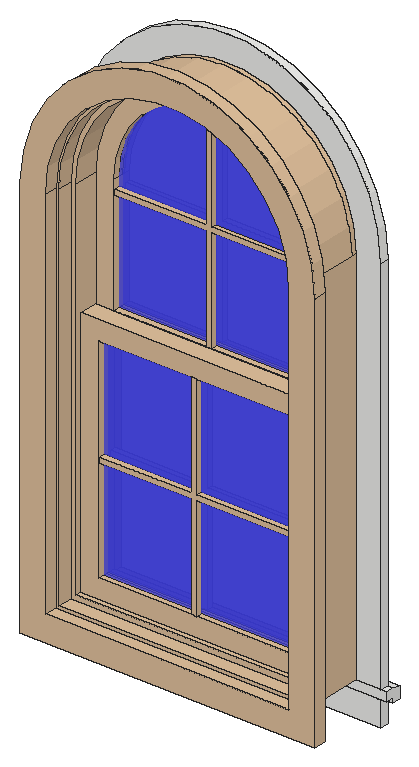
Revit family "M_Janela-dupla-suspensa-arco-extremidade superior", category Janelas, Revit 2019
Family settings
  Hospedeiro = Parede
  Número OmniClass = 23.30.20.17.17.14
  Título OmniClass = Double-Hung Windows
  Sempre na vertical = Sim
  Corte com vazios quando carregada = Não
  Compartilhado = Não
  Ponto de cálculo do ambiente = Não
Parameters (values of type "600 x 1200mm")
  Espessura da parede [instance] = 150 mm
  Janela aplicada [instance] = 0 mm
  Visual Light Transmittance = 0.81
  Visibilidade do montante superior = yes
  Resistência térmica (R) = 0.319569 (m²·K)/W
  Solar Heat Gain Coefficient = 0.76
  Largura do montante = Largura - 152.4 mm  # 447.6 mm
  Padrão do montante = M_Padrão do montante_2x2 : M_Padrão do montante_2x2
  Altura do montante = 0.5 * (Altura - 152.4 mm - 44.45 mm)  # 501.575 mm
  Fechamento da parede interior [instance] = 35.7 mm
  Material da apara interior = Madeira – Manchada
  Recorte interior = M_Moldura-janela-interior-arco-folha : Quadro
  Rough Width = Largura + 12.7 mm  # 612.7 mm
  Rough Height = Altura + 12.7 mm  # 1212.7 mm
  Visibilidade do indicador [instance] = yes
  Meia largura = 0.5 * Largura  # 300 mm
  Extensão do quadro [instance] = if(Visibilidade da apara externa, Janela aplicada + 31.75 mm, 31.75 mm)  # 31.75 mm
  Classificação de incêndio = "0.5h"
  Fechamento da parede externa [instance] = 12.7 mm
  Material da apara externa = Revestimento – Branco
  Visibilidade do umbral da extensão [instance] = and(Visibilidade do recorte interior, Espessura da parede - Janela aplicada > 114.3 mm)  # yes
  Visibilidade do recorte interior [instance] = yes
  Visibilidade da apara externa [instance] = yes
  Apara externa = M_Moldura-janela-exterior-arco-folha : com peitoril
  Umbral da extensão [instance] = if(Espessura da parede - Janela aplicada > 114.3 mm, Espessura da parede - Janela aplicada - 114.3 mm, 25.4 mm)  # 35.7 mm
  ID do tipo de construção = "DG-DR"
  Coeficiente de transferência de calor (U) = 3.12929 W/(m²·K)
  Visibilidade do montante inferior = yes
  Código de montagem = "B2020100"
  Material do painel de vidro = Vidro
  Altura = 2 * Largura  # 1200 mm
  Material da moldura exterior = Revestimento – Branco
  Material da moldura interior = Madeira – Manchada
  Fechamento da parede = Por hospedeiro
  Largura = 600 mm
  Construção analítica = "Vidraça dupla – residencial"
Types (4, lengths in mm): name | Largura do montante | Altura do montante | Rough Width | Rough Height | Meia largura | Altura | Largura
  (no name) | 447.6 | 501.575 | 612.7 | 1212.7 | 300 | 1200 | 600
  600 x 1200mm | 447.6 | 501.575 | 612.7 | 1212.7 | 300 | 1200 | 600
  750 x 1500mm | 597.6 | 651.575 | 762.7 | 1512.7 | 375 | 1500 | 750
  900 x 1800mm | 747.6 | 801.575 | 912.7 | 1812.7 | 450 | 1800 | 900
Reference planes
  plane 1: y = 30.55
  plane 2: z = 0
  plane 3 "Centro (Esquerda/Direita)": x = 0
  plane 4 "Esquerda": x = -300
  plane 5 "Direita": x = 300
  plane 6 "Peitoril": z = 914.4
  plane 7 "Superior": z = 2114.4
  plane 8 "Face da parede": y = 75
  plane 9: y = -75
  plane 10 "Meio": z = 1514.4
  plane 11: z = 2082.65
  plane 12: z = 946.15
  plane 13: x = 268.25
  plane 14: x = -268.25
  plane 15: x = 223.8
  plane 16: x = -223.8
  plane 17: z = 990.6
  plane 18: z = 2038.2
  plane 19 "Fechamento da parede": y = -39.3
  plane 20: z = 2098.525
  plane 21 "Face do quadro": y = 94.05
  plane 22 "Caixilho 2": y = -26.6
  plane 23 "Face do caixilho 1": y = 62.3
  plane 24 "Inset Face": y = 75
  plane 25 "Caixilho 1": y = 17.85
  plane 26 "Vidro 1": y = 40.075
  plane 27: z = 1536.625
  plane 28: z = 1492.175
  plane 29 "Vidro 2": y = -4.375
  plane 30: y = -39.3
  plane 31: z = 1241.387
  plane 32: z = 1787.412
  plane 33: z = 1814.4
  plane 34: y = 49.6
  plane 35: y = -39.3
  plane 36: y = 62.3
  plane 37: y = 94.05
  plane 38 "Centro (Frente/Trás)": y = 0
Forms (mm)
  Extrusion 1, solid, material "Madeira – Manchada" <- "Material da moldura interior", visible <- "Visibilidade do umbral da extensão"
    sketch origin (0, -6.35, 0) x (-1, 0, 0) y (0, 0, 1)
      loop
        line (300, 914.4) -> (300, 1814.4)
        arc (300, 1814.4) -> (0, 2114.4) -> (-300, 1814.4) r 300
        line (-300, 1814.4) -> (-300, 914.4) -> (300, 914.4)
      loop
        line (280.95, 933.45) -> (280.95, 1814.4)
        arc (280.95, 1814.4) -> (0, 2095.35) -> (-280.95, 1814.4) r 280.95
        line (-280.95, 1814.4) -> (-280.95, 933.45) -> (280.95, 933.45)
    from -68.65 to -32.95
  Sweep 2, solid, material "Madeira – Manchada" <- "Material da moldura interior"
    path origin (0, 62.3, 0) x (-1, 0, 0) y (0, 0, 1)
      loop
        line (-300, 914.4) -> (300, 914.4) -> (300, 1814.4)
        arc (300, 1814.4) -> (0, 2114.4) -> (-300, 1814.4) r 300
        line (-300, 1814.4) -> (-300, 914.4)
    profile origin (300, 62.3, 1364.4) x (1, 0, 0) y (0, 1, 0)
      loop
        line (-31.75, 31.75) -> (-31.75, -101.6) -> (0, -101.6) -> (0, 31.75) -> (-31.75, 31.75)
  Sweep 3, solid, material "Madeira – Manchada" <- "Material da moldura interior"
    path origin (0, 62.3, 0) x (-1, 0, 0) y (0, 0, 1)
      loop
        line (-268.25, 1492.175) -> (268.25, 1492.175) -> (268.25, 1814.4)
        arc (268.25, 1814.4) -> (0, 2082.65) -> (-268.25, 1814.4) r 268.25
        line (-268.25, 1814.4) -> (-268.25, 1492.175)
    profile origin (268.25, 62.3, 1653.287) x (1, 0, 0) y (0, 1, 0)
      loop
        line (0, 0) -> (-44.45, 0) -> (-44.45, -44.45) -> (0, -44.45) -> (0, 0)
  Sweep 4, solid, material "Madeira – Manchada" <- "Material da moldura interior"
    path origin (0, 17.85, 0) x (-1, 0, 0) y (0, 0, 1)
      loop
        line (-268.25, 946.15) -> (268.25, 946.15) -> (268.25, 1536.625) -> (-268.25, 1536.625) -> (-268.25, 946.15)
    profile origin (268.25, 17.85, 1241.387) x (1, 0, 0) y (0, 1, 0)
      loop
        line (0, 0) -> (-44.45, 0) -> (-44.45, -44.45) -> (0, -44.45) -> (0, 0)
  Extrusion 5, solid, material "Vidro" <- "Material do painel de vidro"
    sketch origin (0, 0, 0) x (1, 0, 0) y (0, 1, 0)
      loop
        line (-223.8, 5.15) -> (-223.8, -1.2) -> (223.8, -1.2) -> (223.8, 5.15) -> (-223.8, 5.15)
      loop
        line (223.8, -7.55) -> (-223.8, -7.55) -> (-223.8, -13.9) -> (223.8, -13.9) -> (223.8, -7.55)
    from 990.6 to 1492.175
  Extrusion 6, solid, material "Vidro" <- "Material do painel de vidro"
    sketch origin (0, 17.85, 0) x (-1, 0, 0) y (0, 0, 1)
      loop
        line (-223.8, 1814.4) -> (-223.8, 1536.625) -> (223.8, 1536.625) -> (223.8, 1814.4)
        arc (223.8, 1814.4) -> (0, 2038.2) -> (-223.8, 1814.4) r 223.8
    from 25.4 to 31.75
  Extrusion 7, solid, material "Vidro" <- "Material do painel de vidro"
    sketch origin (0, 17.85, 0) x (-1, 0, 0) y (0, 0, 1)
      loop
        line (-223.8, 1814.4) -> (-223.8, 1536.625) -> (223.8, 1536.625) -> (223.8, 1814.4)
        arc (223.8, 1814.4) -> (0, 2038.2) -> (-223.8, 1814.4) r 223.8
    from 12.7 to 19.05
  Sweep 8, solid, material "Madeira – Manchada" <- "Material da moldura interior"
    path origin (-600.664, 94.05, 1219.2) x (-1, 0, 0) y (0, 0, 1)
      loop
        arc (-300.664, 595.2) -> (-600.664, 895.2) -> (-900.664, 595.2) r 300
    profile origin (0, 94.05, 2114.4) x (0, 0, -1) y (0, 1, 0)
      loop
        line (0, 0) -> (0, -31.75) -> (31.75, -31.75) -> (31.75, 0) -> (0, 0)
  Sweep 9, solid, material "Madeira – Manchada" <- "Material da moldura interior"
    path origin (-526.737, 62.3, 1219.2) x (-1, 0, 0) y (0, 0, 1)
      loop
        arc (-258.487, 595.2) -> (-526.737, 863.45) -> (-794.987, 595.2) r 268.25
    profile origin (0, 62.3, 2082.65) x (0, 0, -1) y (0, 1, 0)
      loop
        line (0, 0) -> (0, -12.7) -> (44.45, -12.7) -> (44.45, 0) -> (0, 0)
  Extrusion 10, void
    sketch origin (0, 0, 0) x (1, 0, 0) y (0, 1, 0)
      loop
        line (-300, 94.05) -> (-300, 62.3) -> (300, 62.3) -> (300, 94.05) -> (-300, 94.05)
    from 1814.4 to 2114.4
  Extrusion 11, void
    sketch origin (0, 0, 0) x (1, 0, 0) y (0, 1, 0)
      loop
        line (-268.25, 62.3) -> (-268.25, 49.6) -> (268.25, 49.6) -> (268.25, 62.3) -> (-268.25, 62.3)
    from 1814.4 to 2082.65
Cuts and joins
  Extrusion 10 cuts Sweep 2
  joined: Sweep 2, Sweep 8
  Extrusion 11 cuts Sweep 3
  joined: Sweep 3, Sweep 9
Lines and regions (mm)
  Opening 1
    outline origin (-1524, -75, 0) x (1, 0, 0) y (0, 0, 1)
      loop
        line (1824, 914.4) -> (1824, 1814.4)
        arc (1824, 1814.4) -> (1524, 2114.4) -> (1224, 1814.4) r 300
        line (1224, 1814.4) -> (1224, 914.4) -> (1824, 914.4)
  Split face 1
    outline origin (-223.8, -26.6, 990.6) x (1, 0, 0) y (0, 1, 0)
      loop
        line (0, 25.4) -> (447.6, 25.4)
  Split face 2
    outline origin (223.8, -26.6, 990.6) x (0, 0, 1) y (0, 1, 0)
      loop
        line (0, 25.4) -> (501.575, 25.4)
  Split face 3
    outline origin (-223.8, -26.6, 1492.175) x (0, 0, -1) y (0, 1, 0)
      loop
        line (501.575, 25.4) -> (0, 25.4)
  Split face 4
    outline origin (223.8, -26.6, 1492.175) x (0, 1, 0) y (-1, 0, 0)
      loop
        line (25.4, 0) -> (25.4, 447.6)
  Split face 5
    outline origin (-268.25, -39.3, 946.15) x (1, 0, 0) y (0, 1, 0)
      loop
        line (0, 57.15) -> (536.5, 57.15)
  Split face 6
    outline origin (-268.25, -39.3, 1814.4) x (0, 0, -1) y (0, 1, 0)
      loop
        line (0, 101.6) -> (322.225, 101.6) -> (322.225, 57.15) -> (868.25, 57.15)
  Split face 7
    outline origin (268.25, -39.3, 946.15) x (0, 0, 1) y (0, 1, 0)
      loop
        line (0, 57.15) -> (546.025, 57.15) -> (546.025, 101.6) -> (868.25, 101.6)
  Split face 8
    outline origin (223.8, 17.85, 1536.625) x (0, 0, 1) y (0, 1, 0)
      loop
        line (277.775, 31.75) -> (0, 31.75)
  Split face 9
    outline origin (-223.8, 17.85, 1814.4) x (0, 0, -1) y (0, 1, 0)
      loop
        line (277.775, 31.75) -> (0, 31.75)
  Split face 10
    outline origin (-223.8, 17.85, 1536.625) x (1, 0, 0) y (0, 1, 0)
      loop
        line (447.6, 31.75) -> (0, 31.75)
Text (mm)
  text "EXTERIOR" at (-1490.695, 772.553, 0), in view "Nível de referência"
  text "INTERIOR" at (-1490.695, -719.509, 0), in view "Nível de referência"
  text "Exterior" at (0, 1108.87, 3415.022), in view "Esquerda"
  text "Exterior" at (0, 464.664, 3176.206), in view "Direita"
Dimensions and locks
  equal spacing: plane 4 "Esquerda", plane 3 "Centro (Esquerda/Direita)", plane 5 "Direita"
  "Largura": plane 4 "Esquerda" to plane 5 "Direita"
  equal spacing: plane 6 "Peitoril", plane 10 "Meio", plane 7 "Superior"
  "Altura": plane 7 "Superior" to plane 6 "Peitoril"
  locked: plane 5 "Direita" to plane 13 at 31.75
  locked: plane 14 to plane 4 "Esquerda" at 31.75
  locked: plane 11 to plane 7 "Superior" at 31.75
  locked: plane 6 "Peitoril" to plane 12 at 31.75
  locked: plane 15 to plane 13 at 44.45
  locked: plane 14 to plane 16 at 44.45
  locked: plane 18 to plane 11 at 44.45
  locked: plane 12 to plane 17 at 44.45
  "Espessura da parede": host wall to host wall
  locked: plane 7 "Superior" to plane 20 at 15.875
  locked: plane 21 "Face do quadro" to plane 8 "Face da parede" at 19.05
  locked: plane 24 "Inset Face" to plane 23 "Face do caixilho 1" at 12.7
  "Janela aplicada": plane 8 "Face da parede" to plane 24 "Inset Face"
  locked: plane 23 "Face do caixilho 1" to plane 25 "Caixilho 1" at 44.45
  locked: plane 25 "Caixilho 1" to plane 22 "Caixilho 2" at 44.45
  equal spacing: plane 23 "Face do caixilho 1", plane 26 "Vidro 1", plane 25 "Caixilho 1"
  equal spacing: plane 28, plane 10 "Meio", plane 27
  locked: plane 28 to plane 27 at 44.45
  equal spacing: plane 25 "Caixilho 1", plane 29 "Vidro 2", plane 22 "Caixilho 2"
  locked: Extrusion 5 sketch curve to Extrusion 5 sketch curve at 6.35  (x3)
  equal spacing: Extrusion 5 sketch curve, plane 29 "Vidro 2", Extrusion 5 sketch curve
  locked: plane 22 "Caixilho 2" to plane 30 at 12.7
  "Umbral da extensão": plane 19 "Fechamento da parede" to host wall
  locked: Extrusion 1 sketch curve to plane 5 "Direita" at 19.05
  locked: plane 4 "Esquerda" to Extrusion 1 sketch curve at 19.05
  locked: plane 6 "Peitoril" to Extrusion 1 sketch curve at 19.05
  equal spacing: plane 27, plane 32, plane 18
  equal spacing: plane 17, plane 31, plane 28
  "Meia largura": plane 33 to plane 7 "Superior"
  Extrusion 6 to Extrusion 6 to plane 26 "Vidro 1" = 6.35 mm locked, 3.175 mm locked
  plane 26 "Vidro 1" to Extrusion 7 to Extrusion 7 = 3.175 mm locked, 6.35 mm locked
  "Fechamento da parede interior": plane 35 to plane 9
  "Fechamento da parede externa": plane 8 "Face da parede" to plane 36
  locked: plane 25 "Caixilho 1" to plane 1 at 12.7
  locked: plane 23 "Face do caixilho 1" to plane 34 at 12.7
  "Extensão do quadro": plane 37 to plane 23 "Face do caixilho 1"
  aligned and locked: plane 9 to host wall
  aligned and locked: host wall to plane 8 "Face da parede"
  aligned and locked: Opening 1 sketch curve to plane 4 "Esquerda"
  aligned and locked: plane 5 "Direita" to Opening 1 sketch curve
  aligned and locked: Opening 1 sketch curve to plane 6 "Peitoril"
  aligned and locked: Extrusion 1 sketch curve to plane 4 "Esquerda"
  aligned and locked: plane 5 "Direita" to Extrusion 1 sketch curve
  aligned and locked: Extrusion 1 sketch curve to plane 6 "Peitoril"
  aligned and locked: plane 19 "Fechamento da parede" to Extrusion 1
  aligned and locked: Sweep 2 sketch curve to host wall  (x3)
  aligned and locked: plane 5 "Direita" to Sweep 2 sketch curve
  aligned and locked: plane 13 to Sweep 2 sketch curve
  aligned and locked: Sweep 3 sketch curve to plane 13
  aligned and locked: plane 14 to Sweep 3 sketch curve
  aligned and locked: Sweep 3 sketch curve to plane 25 "Caixilho 1"
  aligned and locked: plane 28 to Sweep 3 sketch curve
  aligned and locked: Sweep 4 sketch curve to plane 27
  aligned and locked: Sweep 4 sketch curve to plane 13
  aligned and locked: plane 14 to Sweep 4 sketch curve
  aligned and locked: plane 12 to Sweep 4 sketch curve
  aligned and locked: profile plane to Sweep 4 sketch curve
  aligned and locked: Sweep 4 sketch curve to profile plane
  aligned and locked: Sweep 4 sketch curve to plane 22 "Caixilho 2"
  aligned and locked: plane 15 to Sweep 4 sketch curve
  aligned and locked: Extrusion 5 sketch curve to plane 16
  aligned and locked: plane 16 to Extrusion 5 sketch curve
  aligned and locked: plane 15 to Extrusion 5 sketch curve
  aligned and locked: Extrusion 5 sketch curve to plane 15
  aligned and locked: plane 17 to Extrusion 5
  aligned and locked: plane 28 to Extrusion 5
  aligned and locked: Split face 1 sketch curve to Extrusion 5
  aligned and locked: Split face 2 sketch curve to Extrusion 5
  aligned and locked: Split face 3 sketch curve to Extrusion 5
  aligned and locked: Split face 4 sketch curve to Extrusion 5
  aligned and locked: plane 15 to Sweep 3 sketch curve
  aligned and locked: Split face 5 sketch curve to plane 25 "Caixilho 1"
  aligned and locked: plane 30 to Sweep 2 sketch curve
  aligned and locked: Extrusion 1 to plane 9
  aligned and locked: Split face 6 sketch curve to plane 25 "Caixilho 1"
  aligned and locked: plane 28 to Split face 6 sketch curve
  aligned and locked: Split face 6 sketch curve to plane 23 "Face do caixilho 1"
  aligned and locked: nested 3 to plane 8 "Face da parede"
  aligned and locked: plane 3 "Centro (Esquerda/Direita)" to nested 3
  aligned and locked: nested 4 to plane 3 "Centro (Esquerda/Direita)"
  aligned and locked: plane 31 to nested 4
  aligned and locked: plane 3 "Centro (Esquerda/Direita)" to nested 5
  aligned and locked: plane 32 to nested 5
  aligned and locked: plane 33 to Extrusion 1 sketch curve  (x2)
  aligned and locked: plane 3 "Centro (Esquerda/Direita)" to Extrusion 1 sketch curve  (x2)
  aligned and locked: plane 33 to Opening 1 sketch curve
  aligned and locked: plane 3 "Centro (Esquerda/Direita)" to Opening 1 sketch curve
  aligned and locked: plane 33 to Sweep 2 sketch curve
  aligned and locked: plane 3 "Centro (Esquerda/Direita)" to Sweep 2 sketch curve
  aligned and locked: plane 33 to Sweep 3 sketch curve  (x3)
  aligned and locked: plane 3 "Centro (Esquerda/Direita)" to Sweep 3 sketch curve
  aligned and locked: Extrusion 6 sketch curve to plane 27
  aligned and locked: Extrusion 6 sketch curve to plane 15
  aligned and locked: plane 16 to Extrusion 6 sketch curve
  aligned and locked: plane 33 to Extrusion 6 sketch curve
  aligned and locked: plane 3 "Centro (Esquerda/Direita)" to Extrusion 6 sketch curve
  aligned and locked: plane 27 to Extrusion 7 sketch curve
  aligned and locked: plane 15 to Extrusion 7 sketch curve
  aligned and locked: Extrusion 7 sketch curve to plane 16
  aligned and locked: plane 33 to Extrusion 7 sketch curve
  aligned and locked: plane 3 "Centro (Esquerda/Direita)" to Extrusion 7 sketch curve
  aligned and locked: Split face 7 sketch curve to plane 23 "Face do caixilho 1"
  aligned and locked: plane 28 to Split face 7 sketch curve
  aligned and locked: Split face 7 sketch curve to plane 25 "Caixilho 1"
  aligned and locked: Extrusion 6 to Split face 8 sketch curve
  aligned and locked: plane 33 to Sweep 8 sketch curve  (x3)
  aligned and locked: plane 5 "Direita" to Sweep 8 sketch curve
  aligned and locked: plane 4 "Esquerda" to Sweep 8 sketch curve
  aligned and locked: profile plane to Sweep 8 sketch curve
  aligned and locked: Sweep 8 sketch curve to plane 11
  aligned and locked: plane 33 to Sweep 9 sketch curve  (x3)
  aligned and locked: plane 13 to Sweep 9 sketch curve
  aligned and locked: plane 3 "Centro (Esquerda/Direita)" to Sweep 9 sketch curve
  aligned and locked: profile plane to Sweep 9 sketch curve  (x2)
  aligned and locked: Sweep 9 sketch curve to plane 18
  aligned and locked: Sweep 9 sketch curve to Extrusion 6
  aligned and locked: nested 3 to plane 7 "Superior"
  aligned and locked: nested 2 to plane 17
  aligned and locked: plane 27 to nested 1
  aligned and locked: nested 1 to plane 26 "Vidro 1"
  aligned and locked: nested 2 to plane 29 "Vidro 2"
  aligned and locked: plane 28 to nested 2
  aligned and locked: nested 2 to plane 15
  aligned and locked: nested 2 to plane 16
  aligned and locked: plane 18 to nested 1
  aligned and locked: nested 1 to plane 15
  aligned and locked: nested 1 to plane 16
  aligned and locked: plane 7 "Superior" to nested 7
  aligned and locked: plane 3 "Centro (Esquerda/Direita)" to nested 7
  aligned and locked: plane 7 "Superior" to nested 6
  aligned and locked: nested 6 to plane 3 "Centro (Esquerda/Direita)"
  aligned and locked: Extrusion 10 sketch curve to plane 4 "Esquerda"
  aligned and locked: plane 5 "Direita" to Extrusion 10 sketch curve
  aligned and locked: Extrusion 10 to plane 7 "Superior"
  aligned and locked: Extrusion 10 to plane 33
  aligned and locked: Extrusion 10 to plane 23 "Face do caixilho 1"
  aligned and locked: plane 21 "Face do quadro" to Extrusion 10
  aligned and locked: Sweep 8 sketch curve to plane 23 "Face do caixilho 1"
  aligned and locked: plane 14 to Extrusion 11 sketch curve
  aligned and locked: Extrusion 11 sketch curve to plane 13
  aligned and locked: plane 11 to Extrusion 11
  aligned and locked: Extrusion 11 to plane 33
  aligned and locked: plane 34 to Split face 9 sketch curve
  aligned and locked: plane 34 to Split face 10 sketch curve
  aligned and locked: Extrusion 11 sketch curve to plane 23 "Face do caixilho 1"
  aligned and locked: plane 34 to Extrusion 11 sketch curve
  aligned and locked: Sweep 2 sketch curve to plane 37
  aligned and locked: Sweep 8 sketch curve to plane 37
Automatic sketch dimensions
  Split face 1 sketch curve to Sweep 4 = 0 mm  (x2)
  Split face 2 sketch curve to Sweep 4 = 0 mm
  Sweep 4 to Split face 2 sketch curve = 0 mm
  Sweep 4 to Split face 3 sketch curve = 0 mm
  Split face 3 sketch curve to Sweep 4 = 0 mm
  Split face 4 sketch curve to Sweep 4 = 0 mm  (x2)
  Sweep 3 sketch curve to profile plane = 0 mm
  Sweep 3 sketch curve to plane 23 "Face do caixilho 1" = 0 mm
  Split face 5 sketch curve to Sweep 2 = 0 mm  (x2)
  Split face 6 sketch curve to Sweep 2 = 0 mm  (x2)
  Split face 7 sketch curve to Sweep 2 = 0 mm  (x2)
  Split face 8 sketch curve to Sweep 3 = 0 mm  (x2)
  Extrusion 10 sketch curve to plane 21 "Face do quadro" = 31.75 mm
  Extrusion 10 sketch curve to Extrusion 10 sketch curve = 31.75 mm
  Split face 9 sketch curve to Sweep 3 = 0 mm  (x2)
  Split face 10 sketch curve to Sweep 3 = 0 mm  (x2)
Nested families
  nested 1: "M_Padrão do montante_2x2" at (0, 40.075, 1536.625), Material externo <- "Material da moldura exterior", Material interior <- "Material da moldura interior", type <- "Padrão do montante", visible <- "Visibilidade do montante superior", type "M_Padrão do montante_2x2"
    with Largura 447.6 mm, Material interior Madeira – Manchada, Altura 501.575 mm, Material externo Revestimento – Branco
  nested 2: "M_Padrão do montante_2x2" at (0, -4.375, 990.6), Material externo <- "Material da moldura exterior", Material interior <- "Material da moldura interior", type <- "Padrão do montante", visible <- "Visibilidade do montante inferior", type "M_Padrão do montante_2x2"
    with Largura 447.6 mm, Material interior Madeira – Manchada, Altura 501.575 mm, Material externo Revestimento – Branco
  nested 3: "M_Plano-Duplo-Suspenso" at (0, 75, 914.4), Janela aplicada <- "Janela aplicada", Largura <- "Largura", Espessura da parede <- "Espessura da parede", Altura <- "Altura", type "M_Plano-Duplo-Suspenso"
    with Janela aplicada de 3D 12.7 mm, Janela aplicada 0 mm, Largura 600 mm, Espessura da parede 150 mm, Altura 1200 mm
  nested 4: "M_Seta preenchida" at (0, 17.85, 1241.387) x (0, 0, 1) z (0, 1, 0), visible <- "Visibilidade do indicador", type "M_Seta preenchida"
  nested 5: "M_Seta preenchida" at (0, 17.85, 1787.412) x (0, 0, -1) z (0, 1, 0), visible <- "Visibilidade do indicador", type "M_Seta preenchida"
  nested 6: "M_Moldura-janela-exterior-arco-folha" at (0, 75, 2114.4) x (-1, 0, 0) z (0, 1, 0), visible <- "Visibilidade da apara externa", Material da apara <- "Material da apara externa", Largura da abertura <- "Largura", type <- "Apara externa", type "com peitoril"
    with Material da apara Revestimento – Branco, Largura da abertura 600 mm, Altura da abertura 1200 mm, Meia largura 300 mm
  nested 7: "M_Moldura-janela-interior-arco-folha" at (0, -75, 2114.4) x (1, 0, 0) z (0, -1, 0), visible <- "Visibilidade do recorte interior", Material da apara <- "Material da apara interior", Largura da abertura <- "Largura", type <- "Recorte interior", type "Quadro"
    with Material da apara Madeira – Manchada, Largura da abertura 600 mm, Altura da abertura 1200 mm, Meia largura 300 mm
Definition of nested family "M_Padrão do montante_2x2"
  Parameters (values of type "M_Padrão do montante_2x2")
    Largura [instance] = 1200 mm
    Espessura = 12.7 mm
    Altura [instance] = 1200 mm
    Material interior [instance] = none
    Material externo [instance] = none
    Distância = 19.05 mm
  Reference planes
    plane 1 "Centro (Frente/Trás)": y = 0
    plane 2: z = 0
    plane 3 "Centro (Esquerda/Direita)": x = 0
    plane 4: z = 1200
    plane 5: x = -600
    plane 6: x = 600
    plane 7: z = 600
    plane 8: y = 9.525
    plane 9: y = 22.225
    plane 10: y = -9.525
    plane 11: y = -22.225
  Forms (mm)
    Extrusion 1, solid, material <- "Material interior", detail levels fine
      sketch origin (0, 0, 0) x (1, 0, 0) y (0, 0, 1)
        loop
          line (-600, 606.35) -> (-600, 593.65) -> (-6.35, 593.65) -> (-6.35, 0) -> (6.35, 0) -> (6.35, 593.65) -> (600, 593.65) -> (600, 606.35) -> (6.35, 606.35) -> (6.35, 1200) -> (-6.35, 1200) -> (-6.35, 606.35) -> (-600, 606.35)
      from 9.525 to 22.225
    Extrusion 2, solid, material <- "Material externo", detail levels fine
      sketch origin (0, 0, 0) x (1, 0, 0) y (0, 0, -1)
        loop
          line (-600, -606.35) -> (-6.35, -606.35) -> (-6.35, -1200) -> (6.35, -1200) -> (6.35, -606.35) -> (600, -606.35) -> (600, -593.65) -> (6.35, -593.65) -> (6.35, 0) -> (-6.35, 0) -> (-6.35, -593.65) -> (-600, -593.65) -> (-600, -606.35)
      from 9.525 to 22.225
  Lines and regions (mm)
    model lines, detail levels medium
      curve 1: line (0, 9.525, 1200) -> (0, 9.525, 0)
      curve 2: line (-600, -9.525, 600) -> (600, -9.525, 600)
      curve 3: line (-600, 9.525, 600) -> (600, 9.525, 600)
      curve 4: line (0, -9.525, 1200) -> (0, -9.525, 0)
  Dimensions and locks
    equal spacing: plane 6, plane 3 "Centro (Esquerda/Direita)", plane 5
    "Largura": plane 6 to plane 5
    "Altura": plane 4 to plane 2
    equal spacing: plane 4, plane 7, plane 2
    locked: plane 3 "Centro (Esquerda/Direita)" to Extrusion 1 sketch curve at 6.35  (x4)
    locked: Extrusion 1 sketch curve to plane 7 at 6.35  (x2)
    locked: plane 7 to Extrusion 1 sketch curve at 6.35  (x2)
    "Espessura": plane 9 to plane 8
    "Espessura": plane 10 to plane 11
    "Distância": plane 8 to plane 10
    equal spacing: plane 8, plane 1 "Centro (Frente/Trás)", plane 10
    aligned and locked: plane 2 to level
    aligned and locked: plane 4 to curve 1
    aligned and locked: plane 5 to curve 2
    aligned and locked: plane 2 to curve 1
    aligned and locked: plane 6 to curve 2
    aligned and locked: Extrusion 1 sketch curve to plane 4
    aligned and locked: Extrusion 1 sketch curve to plane 6
    aligned and locked: Extrusion 1 sketch curve to plane 5
    aligned and locked: Extrusion 1 sketch curve to level
    aligned and locked: Extrusion 1 to plane 11
    aligned and locked: plane 10 to Extrusion 1
    aligned and locked: Extrusion 2 to plane 5
    aligned and locked: plane 6 to Extrusion 2
    aligned and locked: Extrusion 2 to plane 8
    aligned and locked: plane 9 to Extrusion 2
    aligned and locked: Extrusion 2 to plane 2
    aligned and locked: plane 4 to Extrusion 2
    aligned and locked: plane 5 to curve 3
    aligned and locked: plane 6 to curve 3
    aligned and locked: plane 4 to curve 4
    aligned and locked: plane 2 to curve 4
    aligned and locked: plane 8 to curve 3
  Automatic sketch dimensions
    curve 2 to plane 7 = 0 mm
    Extrusion 2 sketch curve to plane 5 = 0 mm
    Extrusion 2 sketch curve to level = 0 mm
    Extrusion 2 sketch curve to plane 4 = 0 mm
    Extrusion 2 sketch curve to plane 6 = 0 mm
    Extrusion 2 sketch curve to plane 3 "Centro (Esquerda/Direita)" = 6.35 mm  (x2)
    plane 3 "Centro (Esquerda/Direita)" to Extrusion 2 sketch curve = 6.35 mm  (x2)
    plane 7 to Extrusion 2 sketch curve = 6.35 mm  (x2)
    Extrusion 2 sketch curve to plane 7 = 6.35 mm  (x2)
    curve 4 to plane 3 "Centro (Esquerda/Direita)" = 0 mm
    curve 4 to level = 0 mm
    curve 4 to plane 4 = 0 mm
    curve 3 to plane 6 = 0 mm
    curve 1 to plane 3 "Centro (Esquerda/Direita)" = 0 mm
    curve 3 to plane 5 = 0 mm
    curve 3 to plane 7 = 0 mm
Definition of nested family "M_Moldura-janela-exterior-arco-folha"
  Parameters (values of type "com peitoril")
    Largura da apara = 60 mm
    Espessura da apara_Quadro = 30 mm
    Espessura da apara_com peitoril = 19.1 mm
    Material da apara [instance] = none
    Espessura do peitoril = 30 mm
    Peitoril = yes
    Quadro = no
    Largura da abertura [instance] = 600 mm
    Altura da abertura [instance] = 2 * Largura da abertura  # 1200 mm
    Meia largura [instance] = 0.5 * Largura da abertura  # 300 mm
    Default Elevation = 1200 mm
  Types (2, lengths in mm): name | Peitoril | Quadro
    com peitoril | yes | no
    Quadro | no | yes
  Reference planes
    plane 1 "Centro (Frente/Trás)": y = 0
    plane 2: z = 0
    plane 3 "Centro (Esquerda/Direita)": x = 0
    plane 4: y = 60
    plane 5 "Esquerda": x = -300
    plane 6 "Direita": x = 300
    plane 7 "Inferior": y = -1200
    plane 8: y = -1230
    plane 9: y = -1280.432
    plane 10: x = 360
    plane 11: x = -360
    plane 12: z = 19.1
    plane 13: z = 30
    plane 14: x = 372.7
    plane 15: x = -372.7
    plane 16: y = -1220.432
    plane 17: y = -1260
    plane 18: z = 12.7
    plane 19: z = 38.15
    plane 20: y = -300
  Forms (mm)
    Extrusion 1, solid
      sketch origin (0, 0, 0) x (1, 0, 0) y (0, 1, 0)
        loop
          line (-361.95, 57.15) -> (-361.95, -1298.532) -> (361.95, -1298.532) -> (361.95, 57.15) -> (-361.95, 57.15)
      from 0 to -304.8
    Extrusion 2, solid, material <- "Material da apara", visible <- "Peitoril"
      sketch origin (0, 0, 0) x (1, 0, 0) y (0, 1, 0)
        loop
          line (-360, -1200) -> (-300, -1200) -> (-300, -300)
          arc (-300, -300) -> (0, 0) -> (300, -300) r 300
          line (300, -300) -> (300, -1200) -> (360, -1200) -> (360, -300)
          arc (360, -300) -> (0, 60) -> (-360, -300) r 360
          line (-360, -300) -> (-360, -1200)
      from 0 to 19.1
    Extrusion 3, solid, material <- "Material da apara", visible <- "Peitoril"
      sketch origin (0, 0, 0) x (0, 1, 0) y (0, 0, 1)
        loop
          line (-1202.458, 38.15) -> (-1230, 38.15) -> (-1230, 19.1) -> (-1220.432, 19.1) -> (-1220.432, 0) -> (-1200, 0) -> (-1200, 19.1) -> (-1202.458, 38.15)
      from -372.7 to 372.7
    Extrusion 4, solid, material <- "Material da apara", visible <- "Peitoril"
      sketch origin (0, 0, 0) x (1, 0, 0) y (0, 1, 0)
        loop
          line (-360, -1220.432) -> (-360, -1280.432) -> (360, -1280.432) -> (360, -1220.432) -> (-360, -1220.432)
      from 0 to 19.1
    Extrusion 5, solid, material <- "Material da apara", visible <- "Quadro"
      sketch origin (0, 0, 0) x (1, 0, 0) y (0, 1, 0)
        loop
          line (-300, -1200) -> (300, -1200) -> (300, -300)
          arc (300, -300) -> (0, 0) -> (-300, -300) r 300
          line (-300, -300) -> (-300, -1200)
        loop
          line (-360, -1260) -> (360, -1260) -> (360, -300)
          arc (360, -300) -> (0, 60) -> (-360, -300) r 360
          line (-360, -300) -> (-360, -1260)
      from 0 to 30
  Dimensions and locks
    equal spacing: plane 5 "Esquerda", plane 3 "Centro (Esquerda/Direita)", plane 6 "Direita"
    "Largura da abertura": plane 5 "Esquerda" to plane 6 "Direita"
    "Altura da abertura": plane 7 "Inferior" to plane 1 "Centro (Frente/Trás)"
    "Espessura do peitoril": plane 7 "Inferior" to plane 8
    "Largura da apara": plane 11 to plane 5 "Esquerda"
    "Largura da apara": plane 6 "Direita" to plane 10
    "Largura da apara": plane 1 "Centro (Frente/Trás)" to plane 4
    locked: plane 15 to plane 11 at 12.7
    locked: plane 10 to plane 14 at 12.7
    locked: plane 16 to plane 8 at 9.568
    "Largura da apara": plane 9 to plane 16
    "Largura da apara": plane 17 to plane 7 "Inferior"
    locked: plane 18 to plane 2 at 12.7
    locked: plane 19 to plane 12 at 19.05
    "Espessura da apara_com peitoril": plane 12 to plane 2
    "Espessura da apara_Quadro": plane 13 to plane 2
    "Meia largura": plane 20 to plane 1 "Centro (Frente/Trás)"
    aligned and locked: plane 2 to Extrusion 1
    aligned and locked: level to Extrusion 1
    aligned and locked: Extrusion 2 sketch curve to plane 5 "Esquerda"
    aligned and locked: Extrusion 2 sketch curve to plane 11
    aligned and locked: plane 7 "Inferior" to Extrusion 2 sketch curve  (x2)
    aligned and locked: plane 10 to Extrusion 2 sketch curve
    aligned and locked: Extrusion 2 sketch curve to plane 6 "Direita"
    aligned and locked: plane 12 to Extrusion 2
    aligned and locked: Extrusion 3 sketch curve to level
    aligned and locked: plane 7 "Inferior" to Extrusion 3 sketch curve
    aligned and locked: Extrusion 3 sketch curve to plane 8
    aligned and locked: plane 15 to Extrusion 3
    aligned and locked: Extrusion 3 to plane 14
    aligned and locked: plane 10 to Extrusion 4 sketch curve
    aligned and locked: Extrusion 4 sketch curve to plane 11
    aligned and locked: plane 16 to Extrusion 4 sketch curve
    aligned and locked: plane 9 to Extrusion 4 sketch curve
    aligned and locked: Extrusion 4 to Extrusion 2
    aligned and locked: Extrusion 5 sketch curve to plane 17
    aligned and locked: plane 7 "Inferior" to Extrusion 5 sketch curve
    aligned and locked: Extrusion 5 sketch curve to plane 6 "Direita"
    aligned and locked: plane 10 to Extrusion 5 sketch curve
    aligned and locked: Extrusion 5 sketch curve to plane 5 "Esquerda"
    aligned and locked: Extrusion 5 sketch curve to plane 11
    aligned and locked: plane 13 to Extrusion 5
    aligned and locked: plane 19 to Extrusion 3
    aligned and locked: plane 20 to Extrusion 5 sketch curve  (x6)
    aligned and locked: plane 3 "Centro (Esquerda/Direita)" to Extrusion 5 sketch curve  (x2)
    aligned and locked: plane 20 to Extrusion 2 sketch curve  (x6)
    aligned and locked: plane 3 "Centro (Esquerda/Direita)" to Extrusion 2 sketch curve  (x2)
  Automatic sketch dimensions
    Extrusion 1 sketch curve to Extrusion 1 sketch curve = 723.9 mm
    Extrusion 1 sketch curve to Extrusion 1 sketch curve = 1355.682 mm
    Extrusion 3 sketch curve to plane 16 = 0 mm
    Extrusion 3 sketch curve to plane 12 = 0 mm  (x2)
    Extrusion 3 sketch curve to plane 7 "Inferior" = 2.458 mm
    plane 13 to Extrusion 3 sketch curve = 8.15 mm
Definition of nested family "M_Moldura-janela-interior-arco-folha"
  Parameters (values of type "com peitoril")
    Espessura da apara_Quadro = 30 mm
    Largura da apara = 60 mm
    Espessura da apara_com peitoril = 20 mm
    Material da apara [instance] = none
    Espessura do peitoril = 30 mm
    Peitoril = yes
    Quadro = no
    Largura da abertura [instance] = 600 mm
    Altura da abertura [instance] = 2 * Largura da abertura  # 1200 mm
    Meia largura [instance] = 0.5 * Largura da abertura  # 300 mm
    Default Elevation = 1200 mm
  Types (2, lengths in mm): name | Peitoril | Quadro
    com peitoril | yes | no
    Quadro | no | yes
  Reference planes
    plane 1 "Centro (Frente/Trás)": y = 0
    plane 2: z = 0
    plane 3 "Centro (Esquerda/Direita)": x = 0
    plane 4: y = 47.3
    plane 5 "Esquerda": x = -300
    plane 6 "Direita": x = 300
    plane 7 "Inferior": y = -1200
    plane 8: y = -1230
    plane 9: y = -1280.432
    plane 10: x = 347.3
    plane 11: x = -347.3
    plane 12: z = 20
    plane 13: z = 30
    plane 14: x = 360
    plane 15: x = -360
    plane 16: y = -1220.432
    plane 17: y = -1247.3
    plane 18: z = 12.7
    plane 19: x = -287.3
    plane 20: y = -12.7
    plane 21: x = 287.3
    plane 22: y = -1187.3
    plane 23: x = -334.6
    plane 24: x = 334.6
    plane 25: y = -300
    plane 26: y = -609.6
  Forms (mm)
    Extrusion 1, solid
      sketch origin (0, 0, 0) x (1, 0, 0) y (0, 1, 0)
        loop
          line (-349.25, 44.45) -> (-349.25, -1298.532) -> (349.25, -1298.532) -> (349.25, 44.45) -> (-349.25, 44.45)
      from 0 to -304.8
    Extrusion 2, solid, material <- "Material da apara", visible <- "Peitoril"
      sketch origin (0, 0, 0) x (1, 0, 0) y (0, 1, 0)
        loop
          line (-334.6, -1200) -> (-287.3, -1200) -> (-287.3, -300)
          arc (-287.3, -300) -> (0, -12.7) -> (287.3, -300) r 287.3
          line (287.3, -300) -> (287.3, -1200) -> (334.6, -1200) -> (334.6, -300)
          arc (334.6, -300) -> (0, 34.6) -> (-334.6, -300) r 334.6
          line (-334.6, -300) -> (-334.6, -1200)
      from 0 to 20
    Extrusion 3, solid, material <- "Material da apara", visible <- "Peitoril"
      sketch origin (0, 0, 0) x (0, 1, 0) y (0, 0, 1)
        loop
          line (-1212.7, 39.05) -> (-1220.432, 39.05) -> (-1220.432, 0) -> (-1200, 0) -> (-1200, 26.35)
          arc (-1200, 26.35) -> (-1203.72, 35.33) -> (-1212.7, 39.05) r 12.7
      from -347.3 to 347.3
    Extrusion 4, solid, material <- "Material da apara", visible <- "Peitoril"
      sketch origin (0, 0, 0) x (1, 0, 0) y (0, 1, 0)
        loop
          line (-334.6, -1220.432) -> (-334.6, -1280.432) -> (334.6, -1280.432) -> (334.6, -1220.432) -> (-334.6, -1220.432)
      from 0 to 20
    Extrusion 5, solid, material <- "Material da apara", visible <- "Quadro"
      sketch origin (0, 0, 0) x (1, 0, 0) y (0, 1, 0)
        loop
          line (-287.3, -1187.3) -> (287.3, -1187.3) -> (287.3, -300)
          arc (287.3, -300) -> (0, -12.7) -> (-287.3, -300) r 287.3
          line (-287.3, -300) -> (-287.3, -1187.3)
        loop
          line (-347.3, -1247.3) -> (347.3, -1247.3) -> (347.3, -300)
          arc (347.3, -300) -> (0, 47.3) -> (-347.3, -300) r 347.3
          line (-347.3, -300) -> (-347.3, -1247.3)
      from 0 to 30
  Dimensions and locks
    equal spacing: plane 5 "Esquerda", plane 3 "Centro (Esquerda/Direita)", plane 6 "Direita"
    "Largura da abertura": plane 5 "Esquerda" to plane 6 "Direita"
    "Altura da abertura": plane 7 "Inferior" to plane 1 "Centro (Frente/Trás)"
    "Espessura do peitoril": plane 7 "Inferior" to plane 8
    "Largura da apara": plane 11 to plane 19
    "Largura da apara": plane 21 to plane 10
    "Largura da apara": plane 20 to plane 4
    "Espessura da apara_com peitoril": plane 12 to plane 2
    locked: plane 15 to plane 11 at 12.7
    locked: plane 10 to plane 14 at 12.7
    locked: plane 16 to plane 8 at 9.568
    "Largura da apara": plane 9 to plane 16
    "Largura da apara": plane 17 to plane 22
    plane 20 to plane 1 "Centro (Frente/Trás)" = 12.7 mm
    plane 5 "Esquerda" to plane 19 = 12.7 mm
    plane 21 to plane 6 "Direita" = 12.7 mm
    plane 22 to plane 7 "Inferior" = 12.7 mm
    locked: plane 11 to plane 23 at 12.7
    locked: plane 24 to plane 10 at 12.7
    "Espessura da apara_Quadro": plane 13 to plane 2
    locked: Extrusion 3 to plane 12 at 19.05
    locked: plane 12 to Extrusion 3 sketch curve at 19.05
    "Meia largura": plane 25 to plane 1 "Centro (Frente/Trás)"
    radius of Extrusion 3 sketch curve = 12.7 mm
    aligned and locked: plane 2 to Extrusion 1
    aligned and locked: level to Extrusion 1
    aligned and locked: plane 7 "Inferior" to Extrusion 2 sketch curve  (x2)
    aligned and locked: plane 12 to Extrusion 2
    aligned and locked: Extrusion 3 sketch curve to level
    aligned and locked: plane 7 "Inferior" to Extrusion 3 sketch curve
    aligned and locked: plane 16 to Extrusion 4 sketch curve
    aligned and locked: plane 9 to Extrusion 4 sketch curve
    aligned and locked: Extrusion 5 sketch curve to plane 17
    aligned and locked: plane 10 to Extrusion 5 sketch curve
    aligned and locked: Extrusion 5 sketch curve to plane 11
    aligned and locked: plane 13 to Extrusion 5
    aligned and locked: Extrusion 5 sketch curve to plane 19
    aligned and locked: Extrusion 5 sketch curve to plane 21
    aligned and locked: plane 22 to Extrusion 5 sketch curve
    aligned and locked: Extrusion 4 to plane 24
    aligned and locked: plane 11 to Extrusion 3
    aligned and locked: Extrusion 3 to plane 10
    aligned and locked: Extrusion 2 sketch curve to plane 21
    aligned and locked: Extrusion 2 sketch curve to plane 24
    aligned and locked: Extrusion 2 sketch curve to plane 19
    aligned and locked: Extrusion 2 sketch curve to plane 23
    aligned and locked: plane 12 to Extrusion 4
    aligned and locked: plane 25 to Extrusion 5 sketch curve  (x6)
    aligned and locked: plane 3 "Centro (Esquerda/Direita)" to Extrusion 5 sketch curve  (x2)
    aligned and locked: plane 25 to Extrusion 2 sketch curve  (x6)
    aligned and locked: plane 3 "Centro (Esquerda/Direita)" to Extrusion 2 sketch curve  (x2)
  Automatic sketch dimensions
    Extrusion 1 sketch curve to Extrusion 1 sketch curve = 698.5 mm
    Extrusion 1 sketch curve to Extrusion 1 sketch curve = 1342.982 mm
    Extrusion 3 sketch curve to plane 16 = 0 mm
    Extrusion 4 sketch curve to plane 11 = 12.7 mm
    Extrusion 4 sketch curve to plane 24 = 0 mm
Definition of nested family "M_Plano-Duplo-Suspenso"
  Parameters (values of type "Plana-folha-dupla")
    Janela aplicada [instance] = 0 mm
    Janela aplicada de 3D [instance] = if(Janela aplicada = 0 mm, 12.7 mm, if(Janela aplicada < Espessura da parede - 88.9 mm, Janela aplicada + 12.7 mm, Espessura da parede - 88.9 mm))  # 12.7 mm
    Width [instance] = 1219.2 mm
    Espessura da parede [instance] = 152.4 mm
    Height [instance] = 914.4 mm
    Default Elevation = 1219.2 mm
    Analytic Construction = "<Nenhum>"
  Reference planes
    plane 1 "Centro (Frente/Trás)": y = 0
    plane 2: z = 0
    plane 3 "Centro (Esquerda/Direita)": x = 0
    plane 4: x = -609.6
    plane 5: x = 609.6
    plane 6 "Umbral": y = -101.6
    plane 7: x = -577.85
    plane 8: y = -12.7
    plane 9: y = -57.15
    plane 10: y = -34.925
    plane 11: x = -533.4
    plane 12: x = 577.85
    plane 13: x = 533.4
    plane 14 "Janela aplicada": y = -25.4
    plane 15 "Parede": y = -152.4
    plane 16: z = 914.4
    plane 17: z = 882.65
    plane 18: z = 31.75
    plane 19: z = 838.2
    plane 20: z = 76.2
    plane 21: z = 457.2
    plane 22: z = 434.975
    plane 23: z = 479.425
    plane 24: y = -79.375
  Lines and regions (mm)
    Masking region 1
      outline origin (0, 19.05, 0) x (1, 0, 0) y (0, 1, 0)
        loop
          line (-609.6, -171.45) -> (609.6, -171.45) -> (609.6, -19.05) -> (-609.6, -19.05) -> (-609.6, -171.45)
    Masking region 2
      outline origin (0, 0, 0) x (0, 1, 0) y (0, 0, 1)
        loop
          line (-152.4, 914.4) -> (-152.4, 0) -> (0, 0) -> (0, 914.4) -> (-152.4, 914.4)
    symbolic lines
      curve 1: line (-577.85, -57.15, 0) -> (-533.4, -57.15, 0)
      curve 2: line (-577.85, -12.7, 0) -> (-577.85, -101.6, 0)
      curve 3: line (-609.6, -12.7, 0) -> (-533.4, -12.7, 0)
      curve 4: line (-533.4, -12.7, 0) -> (-533.4, -57.15, 0)
      curve 5: line (-533.4, -34.925, 0) -> (533.4, -34.925, 0)
      curve 6: line (577.85, -57.15, 0) -> (533.4, -57.15, 0)
      curve 7: line (577.85, -12.7, 0) -> (577.85, -101.6, 0)
      curve 8: line (533.4, -12.7, 0) -> (533.4, -57.15, 0)
      curve 9: line (-609.6, -101.6, 0) -> (-577.85, -101.6, 0)
      curve 10: line (577.85, -101.6, 0) -> (609.6, -101.6, 0)
      curve 11: line (0, -12.7, 882.65) -> (0, -101.6, 882.65)
      curve 12: line (0, -101.6, 0) -> (0, -101.6, 76.2)
      curve 13: line (0, -12.7, 31.75) -> (0, -101.6, 31.75)
      curve 14: line (0, -12.7, 914.4) -> (0, -12.7, 838.2)
      curve 15: line (0, -12.7, 838.2) -> (0, -57.15, 838.2)
      curve 16: line (0, -101.6, 76.2) -> (0, -57.15, 76.2)
      curve 17: line (0, -34.925, 479.425) -> (0, -34.925, 838.2)
      curve 18: line (0, -57.15, 882.65) -> (0, -57.15, 838.2)
      curve 19: line (533.4, -12.7, 0) -> (609.6, -12.7, 0)
      curve 20: line (0, -101.6, 882.65) -> (0, -101.6, 914.4)
      curve 21: line (0, -12.7, 31.75) -> (0, -12.7, 0)
      curve 22: line (0, -57.15, 76.2) -> (0, -57.15, 31.75)
      curve 23: line (0, -101.6, 479.425) -> (0, -12.7, 479.425)
      curve 24: line (0, -101.6, 434.975) -> (0, -101.6, 479.425)
      curve 25: line (0, -12.7, 434.975) -> (0, -101.6, 434.975)
      curve 26: line (0, -12.7, 479.425) -> (0, -12.7, 434.975)
      curve 27: line (0, -57.15, 479.425) -> (0, -57.15, 434.975)
      curve 28: line (0, -79.375, 434.975) -> (0, -79.375, 76.2)
      curve 29: line (-533.4, -12.7, 0) -> (533.4, -12.7, 0)
      curve 30: line (-577.85, -101.6, 0) -> (577.85, -101.6, 0)
      curve 31: line (0, -12.7, 838.2) -> (0, -12.7, 479.425)
      curve 32: line (0, -101.6, 882.65) -> (0, -101.6, 479.425)
      curve 33: line (0, -101.6, 434.975) -> (0, -101.6, 76.2)
      curve 34: line (0, -12.7, 434.975) -> (0, -12.7, 31.75)
  Dimensions and locks
    "Width": plane 4 to plane 5
    equal spacing: plane 4, plane 3 "Centro (Esquerda/Direita)", plane 5
    locked: plane 4 to plane 7 at 31.75
    equal spacing: plane 8, plane 10, plane 9
    locked: plane 5 to plane 12 at 31.75
    locked: plane 8 to plane 14 "Janela aplicada" at 12.7
    locked: plane 8 to plane 9 at 44.45
    "Espessura da parede": plane 15 "Parede" to plane 1 "Centro (Frente/Trás)"
    "Height": plane 16 to plane 2
    locked: plane 16 to plane 17 at 31.75
    locked: plane 18 to plane 2 at 31.75
    locked: plane 9 to plane 6 "Umbral" at 44.45
    "Janela aplicada de 3D": plane 8 to plane 1 "Centro (Frente/Trás)"
    locked: plane 7 to plane 11 at 44.45
    locked: plane 13 to plane 12 at 44.45
    locked: plane 17 to plane 19 at 44.45
    locked: plane 20 to plane 18 at 44.45
    equal spacing: plane 19, plane 21, plane 20
    equal spacing: plane 23, plane 21, plane 22
    locked: plane 23 to plane 22 at 44.45
    equal spacing: plane 6 "Umbral", plane 24, plane 9
    aligned and locked: plane 2 to level
    aligned and locked: curve 1 to plane 9
    aligned and locked: plane 4 to Masking region 1 sketch curve
    aligned and locked: Masking region 1 sketch curve to plane 5
    aligned and locked: Masking region 1 sketch curve to plane 15 "Parede"
    aligned and locked: curve 9 to plane 6 "Umbral"
    aligned and locked: curve 10 to plane 6 "Umbral"
    aligned and locked: plane 1 "Centro (Frente/Trás)" to Masking region 1 sketch curve
    aligned and locked: Masking region 2 sketch curve to plane 16
    aligned and locked: plane 15 "Parede" to Masking region 2 sketch curve
    aligned and locked: level to Masking region 2 sketch curve
    aligned and locked: plane 6 "Umbral" to curve 12
    aligned and locked: plane 17 to curve 11
    aligned and locked: plane 18 to curve 13
    aligned and locked: curve 14 to plane 8
    aligned and locked: plane 19 to curve 15
    aligned and locked: curve 16 to plane 20
    aligned and locked: plane 10 to curve 17
    aligned and locked: plane 4 to curve 3
    aligned and locked: plane 5 to curve 19
    aligned and locked: plane 16 to curve 14
    aligned and locked: plane 8 to curve 11
    aligned and locked: plane 8 to curve 13
    aligned and locked: plane 2 to curve 21
    aligned and locked: plane 8 to curve 2
    aligned and locked: plane 8 to curve 7
    aligned and locked: curve 18 to plane 9
    aligned and locked: plane 17 to curve 18
    aligned and locked: plane 19 to curve 18
    aligned and locked: plane 2 to curve 12
    aligned and locked: curve 19 to plane 8
    aligned and locked: curve 3 to plane 8
    aligned and locked: curve 4 to plane 11
    aligned and locked: plane 13 to curve 8
    aligned and locked: curve 5 to plane 10
    aligned and locked: plane 9 to curve 6
    aligned and locked: plane 6 "Umbral" to curve 20
    aligned and locked: curve 22 to plane 9
    aligned and locked: curve 23 to plane 23
    aligned and locked: plane 6 "Umbral" to curve 24
    aligned and locked: plane 22 to curve 25
    aligned and locked: curve 26 to plane 8
    aligned and locked: curve 27 to plane 9
    aligned and locked: plane 23 to curve 17
    aligned and locked: curve 28 to plane 24
  Automatic sketch dimensions
    Masking region 2 sketch curve to plane 1 "Centro (Frente/Trás)" = 0 mm
    curve 9 to plane 4 = 0 mm
    curve 2 to plane 7 = 0 mm
    curve 7 to plane 12 = 0 mm
    curve 10 to plane 5 = 0 mm
    curve 34 to plane 18 = 0 mm
    curve 20 to plane 16 = 0 mm
Definition of nested family "M_Seta preenchida"
  Parameters (values of type "M_Seta preenchida")
    D3 = 0 mm
    D2 = D1 / 6  # 33.333 mm
    D1 = 200 mm
  Reference planes
    plane 1 "Centro (Frente/Trás)": y = 0
    plane 2: z = 0
    plane 3 "Centro (Esquerda/Direita)": x = 0
    plane 4: y = 16.667
    plane 5: y = -16.667
    plane 6: x = -100
    plane 7: x = 100
    plane 8: through (203.336, -72.356, 1219.2) normal (-0.5736, -0.8192, 0)
    plane 9: through (203.336, 72.356, 1219.2) normal (0.5736, -0.8192, 0)
    plane 10: x = 33.333
  Lines and regions (mm)
    Filled region 1, type "Bloco de concreto", in view "Nível de referência"
      outline origin (0, 0, 0) x (1, 0, 0) y (0, 1, 0)
        loop
          line (-100, 16.667) -> (-100, -16.667) -> (33.333, -16.667) -> (33.333, -46.681) -> (100, 0) -> (33.333, 46.681) -> (33.333, 16.667) -> (-100, 16.667)
    detail lines, in view "Nível de referência"
      curve 1: line (-100, 16.667, 0) -> (33.333, 16.667, 0)
      curve 2: line (-100, 16.667, 0) -> (-100, -16.667, 0)
      curve 3: line (-100, -16.667, 0) -> (33.333, -16.667, 0)
      curve 4: line (100, 0, 0) -> (33.333, -46.681, 0)
      curve 5: line (100, 0, 0) -> (33.333, 46.681, 0)
      curve 6: line (33.333, -16.667, 0) -> (33.333, -46.681, 0)
      curve 7: line (33.333, 46.681, 0) -> (33.333, 16.667, 0)
  Dimensions and locks
    equal spacing: plane 6, plane 3 "Centro (Esquerda/Direita)", plane 7
    "D1": plane 6 to plane 7
    equal spacing: plane 4, plane 1 "Centro (Frente/Trás)", plane 5
    "D2": plane 4 to plane 5
    "D2": plane 3 "Centro (Esquerda/Direita)" to plane 10
    locked: plane 8 to plane 1 "Centro (Frente/Trás)" (angle 35.00°)
    locked: plane 1 "Centro (Frente/Trás)" to plane 9 (angle 35.00°)
    aligned and locked: curve 1 to plane 4
    aligned and locked: curve 2 to plane 6
    aligned and locked: curve 3 to plane 5
    aligned and locked: curve 4 to plane 9
    aligned and locked: curve 5 to plane 8
    aligned and locked: curve 6 to plane 10
    aligned and locked: curve 7 to plane 10
    aligned and locked: Filled region 1 sketch curve to curve 1
    aligned and locked: Filled region 1 sketch curve to curve 2
    aligned and locked: Filled region 1 sketch curve to curve 3
    aligned and locked: Filled region 1 sketch curve to curve 6
    aligned and locked: Filled region 1 sketch curve to curve 4
    aligned and locked: Filled region 1 sketch curve to curve 5
    aligned and locked: Filled region 1 sketch curve to curve 7
